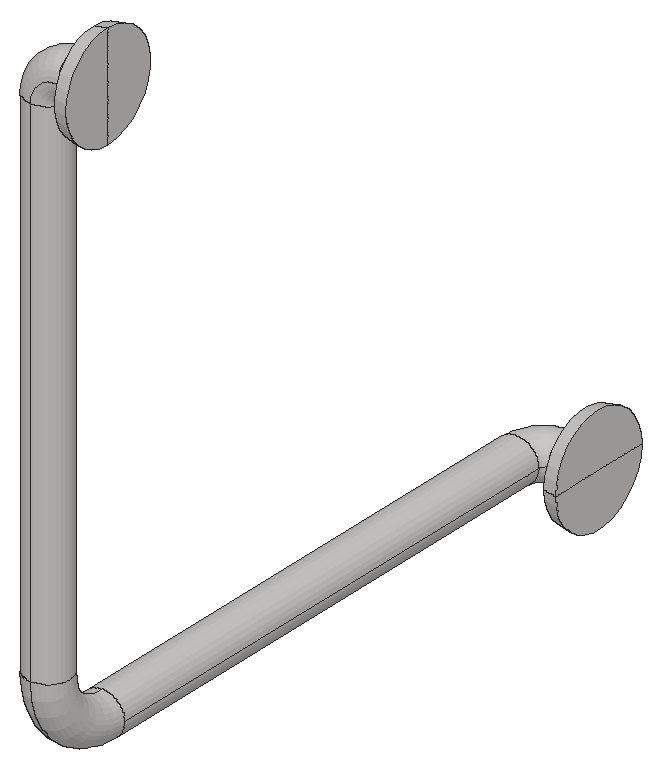
Revit family "Specialty Equipment_Grab Rail_Metlam_Ambulant 90_MLR1128621423f-cf8f-4a4d-a26c-7caf784a56a2", category Specialty Equipment, Revit 2014
Parameters (values of type "450l x 450h x 60d")
  URL = "www.metlam.com.au"
  Type Comments = "MLR112"
  ModifiedIssue_ANZRS = 20150202  # constant formula
  Model = "MLR112"
  Material = z_Metlam_Metal_Stainless Steel Satin
  Manufacturer_URL__Product Specific = "http://www.metlam.com.au/product/content/grab-rails/MLR112"
  Manufacturer_Spec Code = Model  # "MLR112"
  Manufacturer_Overall Width = 450 mm  # constant formula
  Manufacturer_Overall Height = 450 mm  # constant formula
  Manufacturer_Overall Depth = 60 mm  # constant formula
  Manufacturer_Height From FFL [instance] = 805 mm
  Manufacturer = "Metlam"  # constant formula
  Keynote = ""
  Description = "90° Ambulant Grab Rail"
  CreatedBy_ANZRS = "IGS - BIM SOLUTIONS"  # constant formula
  CreatedByURL_ANZRS = "www.igsgroup.com.au"
  Assembly Code = "C1030200"
Reference planes
  plane 1 "Back": y = 0
  plane 2 "Origin": z = 0
  plane 3 "Right": x = 0
  plane 4 "MountingHeight": z = 805
  plane 5 "Front": y = -450
  plane 6 "Top": z = 1255
  plane 7 "Left": x = -60
Forms (mm)
  Revolve 1, solid, material "z_Metlam_Metal_Stainless Steel Satin" <- "Material"
    sketch origin (0, 0, 805) x (-1, 0, 0) y (0, -1, 0)
      loop
        line (16.031, -16) -> (24, -16) -> (24, 0) -> (0, 0) -> (0, -39.4) -> (10, -37.4)
        arc (10, -37.4) -> (14.186, -27.03) -> (16.031, -16) r 51.397
      axis (24, 0) -> (0, 0)
    angle from 0 to 360
  Sweep 2, solid, material "z_Metlam_Metal_Stainless Steel Satin" <- "Material"
    path origin (0, 0, 805) x (-1, 0, 0) y (0, -1, 0)
      loop
        arc (24, 0) -> (38.144, 5.858) -> (44.002, 20.002) r 20.002
        line (44.002, 20.002) -> (44.002, 400)
    profile origin (-44.002, -210.001, 805) x (1, 0, 0) y (0, 0, 1)
      loop
        circle (0, 0) r 16
  Sweep 3, solid, material "z_Metlam_Metal_Stainless Steel Satin" <- "Material"
    path origin (0, 0, 0) x (0, 1, 0) y (0, 0, 1)
      loop
        arc (-400, 805) -> (-435.355, 819.645) -> (-450, 855) r 50
    profile origin (0, -450, 855) x (0, -1, 0) y (1, 0, 0)
      loop
        circle (0, -44.002) r 16
  Sweep 4, solid, material "z_Metlam_Metal_Stainless Steel Satin" <- "Material"
    path origin (0, 0, 0) x (1, 0, 0) y (0, 0, 1)
      loop
        line (-15.596, 1255) -> (-24, 1255)
        arc (-24, 1255) -> (-38.142, 1249.142) -> (-44, 1235) r 20
        line (-44, 1235) -> (-44, 855)
    profile origin (-44, 0, 1045) x (0, -1, 0) y (1, 0, 0)
      loop
        circle (450, -0.002) r 16
  Revolve 5, solid, material "z_Metlam_Metal_Stainless Steel Satin"
    sketch origin (0, -450, 0) x (1, 0, 0) y (0, 0, 1)
      loop
        line (0, 1293.458) -> (-10, 1291.458)
        arc (-10, 1291.458) -> (-13.84, 1281.515) -> (-15.596, 1271.002) r 52.566
        line (-15.596, 1271.002) -> (-15.596, 1255) -> (0, 1255) -> (0, 1293.458)
      axis (-15.596, 1255) -> (0, 1255)
    angle from 0 to 360
Cuts and joins
  joined: Revolve 1, Sweep 2, Sweep 3, Sweep 4
Lines and regions (mm)
  Masking region 1
    outline origin (0, 0, 0) x (1, 0, 0) y (0, 1, 0)
      loop
        line (0, 39.4) -> (-10.011, 37.455)
        arc (-10.011, 37.455) -> (-14.279, 27.081) -> (-16.022, 16) r 48
        line (-16.022, 16) -> (-24, 16)
        arc (-24, 16) -> (-49.456, 5.456) -> (-60, -20) r 36
        line (-60, -20) -> (-60, -449.973)
        arc (-60, -449.973) -> (-55.306, -461.306) -> (-43.973, -466) r 16.027
        line (-43.973, -466) -> (-15.649, -466)
        arc (-15.649, -466) -> (-13.945, -476.553) -> (-9.948, -486.468) r 48
        line (-9.948, -486.468) -> (0, -488.457) -> (0, -411.542) -> (-10.045, -413.551)
        arc (-10.045, -413.551) -> (-13.936, -423.469) -> (-15.544, -434) r 48
        line (-15.544, -434) -> (-28.002, -434) -> (-28.002, -20.083)
        arc (-28.002, -20.083) -> (-26.806, -17.196) -> (-23.919, -16) r 4.083
        line (-23.919, -16) -> (-16.023, -16)
        arc (-16.023, -16) -> (-14.25, -27.028) -> (-9.977, -37.348) r 48
        line (-9.977, -37.348) -> (0, -39.4) -> (0, 39.4)
  Masking region 2
    outline origin (0, 0, 0) x (1, 0, 0) y (0, 0, 1)
      loop
        line (0, 1294.4) -> (-10.016, 1292.465)
        arc (-10.016, 1292.465) -> (-14.191, 1282.06) -> (-16.028, 1271) r 51.743
        line (-16.028, 1271) -> (-23.513, 1271)
        arc (-23.513, 1271) -> (-48.258, 1261.376) -> (-59.998, 1237.562) r 36.624
        line (-59.998, 1237.562) -> (-59.998, 804.772)
        arc (-59.998, 804.772) -> (-55.004, 793.391) -> (-43.488, 788.714) r 16.517
        line (-43.488, 788.714) -> (-16.011, 788.714)
        arc (-16.011, 788.714) -> (-14.165, 777.799) -> (-10.015, 767.537) r 51.181
        line (-10.015, 767.537) -> (0, 765.6) -> (0, 844.4) -> (-10, 842.4)
        arc (-10, 842.4) -> (-14.191, 832.031) -> (-16.031, 821) r 51.195
        line (-16.031, 821) -> (-27.998, 821) -> (-27.998, 1234.94)
        arc (-27.998, 1234.94) -> (-26.809, 1237.811) -> (-23.939, 1239) r 4.06
        line (-23.939, 1239) -> (-15.578, 1239)
        arc (-15.578, 1239) -> (-13.858, 1228.522) -> (-10.035, 1218.617) r 51.722
        line (-10.035, 1218.617) -> (0, 1216.539) -> (0, 1294.4)
  Masking region 3
    outline origin (0, 0, 0) x (0, 1, 0) y (0, 0, 1)
      loop
        arc (-36.005, 789) -> (39.4, 805) -> (-36.005, 821) r 39.4
        line (-36.005, 821) -> (-400.198, 821)
        arc (-400.198, 821) -> (-423.888, 830.695) -> (-434, 854.207) r 33.808
        line (-434, 854.207) -> (-434, 1218.995)
        arc (-434, 1218.995) -> (-450, 1294.4) -> (-466, 1218.995) r 39.4
        line (-466, 1218.995) -> (-466, 858.995)
        arc (-466, 858.995) -> (-448.232, 809.771) -> (-400.198, 789) r 65.928
        line (-400.198, 789) -> (-36.005, 789)
  symbolic lines, style "Grab Rails", detail levels medium+fine
    curve 1: arc (0, 0, 821) -> (0, 16, 805) -> (0, 0, 789) r 16
    curve 2: arc (0, -466, 1255) -> (0, -450, 1271) -> (0, -434, 1255) r 16
    curve 3: line (-16.031, -16, 0) -> (-16.031, 16, 0)
    curve 4: line (-15.596, -434, 0) -> (-15.596, -466, 0)
    curve 5: line (-16.031, 0, 1239) -> (-16.031, 0, 1271)
    curve 6: line (-16.031, 0, 789) -> (-16.031, 0, 821)
    curve 7: arc (-28.023, 0, 805) -> (-32.132, 0, 794.294) -> (-42.35, 0, 789.088) r 16
    curve 8: line (-28.023, 0, 805) -> (-28.023, 0, 821)
    curve 9: line (0, 0, 821) -> (0, -36.005, 821)
    curve 10: line (0, 0, 789) -> (0, -36.005, 789)
    curve 11: line (0, -434, 1255) -> (0, -434, 1218.995)
    curve 12: line (0, -466, 1255) -> (0, -466, 1218.995)
Text (mm)
  text "Disclaimer:\n\nDue to ongoing product development and manufacturing evolution, product details are subject to change without notice.\n\nPlease refer to product technical data sheets on www.metlam.com.au for the most current product information.\n\nPlease allow a +/- 5mm tolerance for dimensions and set-outs shown in product literature.\n\n© Metlam 2015" at (-851.731, 1.992, 0), in view "Ref. Level_Instruction"
Dimensions and locks
  "Manufacturer_Height From FFL": plane 4 "MountingHeight" to plane 2 "Origin"
  "Manufacturer_Overall Height": plane 6 "Top" to plane 4 "MountingHeight"
  "Manufacturer_Overall Width": plane 1 "Back" to plane 5 "Front"
  "Manufacturer_Overall Depth": plane 7 "Left" to plane 3 "Right"
  plane 1 "Back" to plane 5 "Front" to curve 4 = 450 mm, 16 mm
  aligned and locked: level to plane 2 "Origin"
  aligned and locked: Revolve 1 sketch curve to plane 3 "Right"
  aligned and locked: Revolve 1 sketch curve to plane 1 "Back"
  aligned and locked: plane 1 "Back" to Revolve 1 sketch curve
  aligned and locked: plane 4 "MountingHeight" to Sweep 2 sketch curve
  aligned and locked: plane 1 "Back" to curve 1
  aligned and locked: plane 4 "MountingHeight" to curve 1
  aligned and locked: plane 5 "Front" to curve 2
  aligned and locked: plane 6 "Top" to curve 2
  aligned and locked: Masking region 1 sketch curve to plane 7 "Left"
  aligned and locked: Masking region 2 sketch curve to curve 5
  aligned and locked: Sweep 4 sketch curve to plane 6 "Top"
  aligned and locked: Revolve 5 sketch curve to plane 6 "Top"  (x2)
  aligned and locked: profile plane to plane 1 "Back"
  aligned and locked: Sweep 4 sketch curve to Revolve 5
  aligned and locked: curve 4 to cut or joined group of Revolve 1, Sweep 2, Sweep 3, Sweep 4
Automatic sketch dimensions
  Revolve 1 sketch curve to plane 1 "Back" = 13.089 mm
  plane 3 "Right" to Revolve 1 sketch curve = 35.283 mm
  Revolve 1 sketch curve to Revolve 1 sketch curve = 4.717 mm
  Revolve 1 sketch curve to plane 3 "Right" = 10 mm  (x2)
  Revolve 1 sketch curve to plane 3 "Right" = 16.031 mm
  Revolve 1 sketch curve to plane 1 "Back" = 16 mm
  Revolve 1 sketch curve to Revolve 1 sketch curve = 2 mm
  Sweep 2 sketch curve to profile plane = 0 mm
  Sweep 3 sketch curve to profile plane = 0 mm
  Sweep 3 sketch curve to plane 3 "Right" = 44.002 mm
  Sweep 3 sketch curve to plane 5 "Front" = 0 mm
  Sweep 3 sketch curve to plane 4 "MountingHeight" = 0 mm
  Sweep 3 sketch curve to plane 5 "Front" = 50 mm
  Masking region 3 sketch curve to plane 5 "Front" = 0 mm
  Masking region 3 sketch curve to plane 1 "Back" = 0 mm
  Masking region 3 sketch curve to plane 4 "MountingHeight" = 0 mm
  Masking region 3 sketch curve to plane 6 "Top" = 0 mm
  Masking region 3 sketch curve to plane 5 "Front" = 49.802 mm
  Masking region 3 sketch curve to Masking region 3 sketch curve = 0 mm  (x4)
  Masking region 3 sketch curve to Masking region 3 sketch curve = 0.007 mm
  Masking region 3 sketch curve to Masking region 3 sketch curve = 33.2 mm
  Masking region 3 sketch curve to Masking region 3 sketch curve = 0.113 mm
  Masking region 3 sketch curve to plane 4 "MountingHeight" = 16 mm
  plane 1 "Back" to Masking region 3 sketch curve = 36.005 mm
  Masking region 3 sketch curve to plane 5 "Front" = 16 mm
  Masking region 3 sketch curve to plane 6 "Top" = 36.005 mm
  plane 5 "Front" to curve 12 = 16 mm
  plane 4 "MountingHeight" to curve 9 = 16 mm
  plane 1 "Back" to curve 9 = 36.005 mm
  curve 10 to curve 9 = 0 mm
  curve 11 to plane 6 "Top" = 36.005 mm
  curve 12 to curve 11 = 0 mm
  Revolve 1 sketch curve to Revolve 1 sketch curve = 14 mm
  curve 7 to plane 4 "MountingHeight" = 0 mm
  plane 7 "Left" to curve 7 = 15.977 mm
  curve 7 to curve 7 = 1.672 mm
  curve 7 to curve 8 = 16 mm  (x2)
  curve 6 to plane 3 "Right" = 16.031 mm
  curve 5 to plane 3 "Right" = 16.031 mm
  curve 6 to plane 4 "MountingHeight" = 16 mm
  plane 4 "MountingHeight" to curve 6 = 16 mm
  curve 5 to plane 6 "Top" = 16 mm
  plane 6 "Top" to curve 5 = 16 mm
  plane 1 "Back" to Sweep 2 sketch curve = 0 mm
  Sweep 2 sketch curve to plane 5 "Front" = 50 mm
  Sweep 2 sketch curve to plane 3 "Right" = 24 mm
  plane 7 "Left" to Sweep 2 sketch curve = 15.998 mm
  profile plane to Sweep 4 sketch curve = 0.002 mm
  plane 1 "Back" to Sweep 4 sketch curve = 450 mm
  Revolve 5 sketch curve to plane 3 "Right" = 0 mm
  Revolve 5 sketch curve to plane 3 "Right" = 10 mm
  Revolve 5 sketch curve to Revolve 5 sketch curve = 15.596 mm
  Revolve 5 sketch curve to plane 7 "Left" = 15.991 mm
  Revolve 5 sketch curve to Revolve 5 sketch curve = 11.793 mm
  plane 6 "Top" to Revolve 5 sketch curve = 12.643 mm
  plane 3 "Right" to Revolve 5 sketch curve = 36.863 mm
  Revolve 5 sketch curve to Revolve 5 sketch curve = 16.002 mm
  Revolve 5 sketch curve to Revolve 5 sketch curve = 2 mm
  plane 7 "Left" to Sweep 4 sketch curve = 16 mm
  Sweep 4 sketch curve to Sweep 4 sketch curve = 8.404 mm
  plane 4 "MountingHeight" to Sweep 4 sketch curve = 50 mm
  Masking region 1 sketch curve to plane 3 "Right" = 0 mm  (x2)
  plane 7 "Left" to Masking region 1 sketch curve = 16.027 mm
  Masking region 1 sketch curve to plane 3 "Right" = 28.002 mm
  Masking region 1 sketch curve to Masking region 1 sketch curve = 4.002 mm
  Masking region 1 sketch curve to Masking region 1 sketch curve = 0.081 mm
  Masking region 1 sketch curve to Masking region 1 sketch curve = 7.896 mm
  Masking region 1 sketch curve to Masking region 1 sketch curve = 7.978 mm
  Masking region 1 sketch curve to plane 3 "Right" = 15.649 mm
  Masking region 1 sketch curve to Masking region 1 sketch curve = 12.458 mm
  Masking region 1 sketch curve to plane 3 "Right" = 10.045 mm
  Masking region 1 sketch curve to plane 3 "Right" = 10.011 mm
  Masking region 1 sketch curve to plane 3 "Right" = 9.977 mm
  Masking region 1 sketch curve to plane 3 "Right" = 9.948 mm
  Masking region 1 sketch curve to plane 5 "Front" = 14.066 mm
  plane 3 "Right" to Masking region 1 sketch curve = 32.417 mm
  plane 1 "Back" to Masking region 1 sketch curve = 13.948 mm
  plane 3 "Right" to Masking region 1 sketch curve = 31.933 mm
  Masking region 1 sketch curve to plane 1 "Back" = 14.133 mm
  Masking region 1 sketch curve to Masking region 1 sketch curve = 0.009 mm
  plane 5 "Front" to Masking region 1 sketch curve = 13.673 mm
  Masking region 1 sketch curve to Masking region 1 sketch curve = 0.122 mm
  plane 5 "Front" to Masking region 1 sketch curve = 16 mm
  Masking region 1 sketch curve to Masking region 1 sketch curve = 1.99 mm
  Masking region 1 sketch curve to plane 5 "Front" = 16 mm
  Masking region 1 sketch curve to Masking region 1 sketch curve = 2.009 mm
  plane 1 "Back" to Masking region 1 sketch curve = 39.4 mm
  Masking region 1 sketch curve to Masking region 1 sketch curve = 2.052 mm
  Masking region 1 sketch curve to Masking region 1 sketch curve = 0.083 mm
  Masking region 1 sketch curve to Masking region 1 sketch curve = 1.945 mm
  curve 3 to plane 3 "Right" = 16.031 mm
  curve 4 to plane 5 "Front" = 16 mm
  plane 1 "Back" to curve 3 = 16 mm
  curve 3 to plane 1 "Back" = 16 mm
  Masking region 2 sketch curve to plane 3 "Right" = 0 mm  (x2)
  Masking region 2 sketch curve to plane 3 "Right" = 10 mm
  Masking region 2 sketch curve to plane 3 "Right" = 10.015 mm
  Masking region 2 sketch curve to plane 3 "Right" = 10.016 mm
  Masking region 2 sketch curve to plane 3 "Right" = 10.035 mm
  Masking region 2 sketch curve to plane 3 "Right" = 15.578 mm
  Masking region 2 sketch curve to plane 3 "Right" = 16.011 mm
  Masking region 2 sketch curve to plane 3 "Right" = 16.028 mm
  Masking region 2 sketch curve to plane 3 "Right" = 16.031 mm
  Masking region 2 sketch curve to Masking region 2 sketch curve = 7.935 mm
  Masking region 2 sketch curve to Masking region 2 sketch curve = 0.425 mm
  Masking region 2 sketch curve to Masking region 2 sketch curve = 4.06 mm
  plane 7 "Left" to Masking region 2 sketch curve = 16.512 mm
  plane 7 "Left" to Masking region 2 sketch curve = 0.002 mm
  Masking region 2 sketch curve to plane 4 "MountingHeight" = 13.258 mm
  plane 3 "Right" to Masking region 2 sketch curve = 35.08 mm
  plane 4 "MountingHeight" to Masking region 2 sketch curve = 13.145 mm
  Masking region 2 sketch curve to Masking region 2 sketch curve = 0.004 mm
  plane 6 "Top" to Masking region 2 sketch curve = 13.104 mm
  plane 3 "Right" to Masking region 2 sketch curve = 35.634 mm
  Masking region 2 sketch curve to plane 6 "Top" = 12.907 mm
  Masking region 2 sketch curve to Masking region 2 sketch curve = 0.417 mm
  Masking region 2 sketch curve to plane 4 "MountingHeight" = 16.286 mm
  Masking region 2 sketch curve to Masking region 2 sketch curve = 1.937 mm
  Masking region 2 sketch curve to plane 4 "MountingHeight" = 0.228 mm
  plane 4 "MountingHeight" to Masking region 2 sketch curve = 16 mm
  Masking region 2 sketch curve to Masking region 2 sketch curve = 2 mm
  Masking region 2 sketch curve to plane 6 "Top" = 38.461 mm
  Masking region 2 sketch curve to Masking region 2 sketch curve = 2.078 mm
  Masking region 2 sketch curve to Masking region 2 sketch curve = 0.564 mm
  Masking region 2 sketch curve to Masking region 2 sketch curve = 1.935 mm
  radius of Sweep 2 sketch curve = 16 mm
  radius of Sweep 3 sketch curve = 16 mm
  radius of Sweep 4 sketch curve = 16 mm
